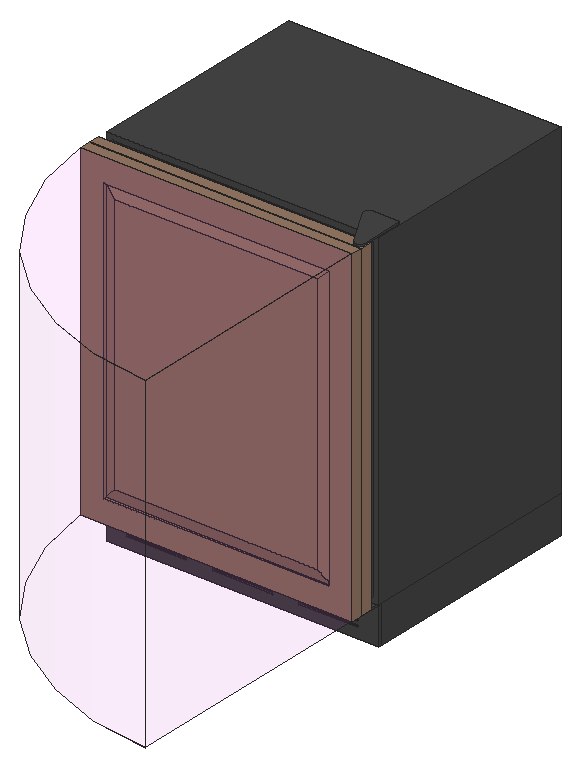
Revit family "QF_Summit_FF708BLSSIFADA_Refrigerator", category Specialty Equipment, Revit 2020
Family settings
  Round Connector Dimension = Use Diameter
  Part Type = Normal
  Work Plane-Based = No
  Always vertical = Yes
  Cut with Voids When Loaded = No
  Shared = No
  Room Calculation Point = No
Parameters
  Weight in Pounds = 100
  Watts = Volts * FL Amps  # 92 W
  Volts = 115 V
  URL Cutsheet = ""
  Specification by User = ""
  Specification by Manufacturer = ""
  Show LHD [instance] = no
  Right Hinged Door [instance] = not(Show LHD)  # yes
  Serial Number = ""
  Seismic Rating = ""
  SMACNA No = ""
  Revision Code = ""
  Refrigerant Volume = 0.00 kip
  Refrigerant Type = "R600a"
  Phase = 1
  Number of Poles = 1
  NAFEM Spec ID Number = ""
  Model = "FF708BLSSIFADA"
  Min Ckt Ampacity = 0 A
  Max Overcurrent Protection = 0 A
  Masterspec = ""
  Manufacturer = "Summit"
  Length = 23 5/8"
  Item Number = ""
  Installed By = ""
  Identify Quantity as Lot = yes
  Height = 32 1/8"
  HP = ""
  Furnished By = ""
  Foodservice Equipment Identifier = yes
  FL Amps = 0.8 A
  Electrical Remarks = ""
  Electric Connection Type = ""
  Elec Conn RI Height = 0"
  Elec Conn Connection Height = 0"
  Description = "Refrigerator"
  Depth = 22 3/8"
  Default Elevation = 0"
  Cycle = 60 Hz
  Conn Plug = ""
  Conn Conduit = yes
  CSI MasterFormat = ""
  BTUH = 0.0 Btu/h
  Apparent Power = if(Phase = 3, Volts * FL Amps * 1.73, Volts * FL Amps)  # 92 VA
Reference planes (in)
  plane 1 "BACK": y = 0
  plane 2: z = 0
  plane 3 "LEFT": x = 0
  plane 4 "RIGHT": x = 23.625
  plane 5 "FRONT": y = -22.375
  plane 6 "TOP": z = 32.125
  plane 7 "Center Y": x = 11.8125
  plane 8 "Center X": y = -11.1875
  plane 9: z = 32
  plane 10: y = -23.375
  plane 11: y = -45.875
  plane 12: y = -0.75
  plane 13: y = -20.5
  plane 14: z = 0.125
  plane 15: z = 3.375
  plane 16: x = 17.46169
Forms (in)
  Extrusion 1, solid, material "QF_Metallic_Paint_Black_Smooth"
    sketch origin (-4.07558, -180, 0.25) x (-1, 0, 0) y (0, -1, 0)
      loop
        line (-4.07558, -179.25) -> (-4.07558, -159.5) -> (-27.70058, -159.5) -> (-27.70058, -179.25) -> (-4.07558, -179.25)
    from 3.125 to 31.75
  Extrusion 2, solid, material "QF_Wood_Mahogany"
    sketch origin (-5.77638, -180, 3.5) x (-1, 0, 0) y (0, -1, 0)
      loop
        line (-5.77638, -157.625) -> (-29.40138, -157.625) -> (-29.40138, -158.625) -> (-5.77638, -158.625) -> (-5.77638, -157.625)
    from -0.125 to 28.5
  Extrusion 3, solid, material "QF_Metallic_Paint_Black_Smooth"
    sketch origin (23.5, -21.375, 3.5) x (-1, 0, 0) y (0, 0, 1)
      loop
        line (0.375, 0.375) -> (23, 0.375) -> (23, 28) -> (0.375, 28) -> (0.375, 0.375)
    from 0 to 0.875
  Extrusion 4, solid, material "QF_Metallic_Paint_Black_Smooth", visible <- "Right Hinged Door"
    sketch origin (-5.77638, -180, 32) x (-1, 0, 0) y (0, -1, 0)
      loop
        arc (-29.27619, -161.7403) -> (-29.20297, -161.91708) -> (-29.02619, -161.9903) r 0.25
        line (-29.02619, -161.9903) -> (-26.9149, -161.9903)
        arc (-26.9149, -161.9903) -> (-26.55876, -161.78675) -> (-26.55339, -161.37658) r 0.41333
        line (-26.55339, -161.37658) -> (-28.47012, -157.91871)
        arc (-28.47012, -157.91871) -> (-28.95386, -157.71088) -> (-29.27619, -158.12717) r 0.42999
        line (-29.27619, -158.12717) -> (-29.27619, -161.7403)
    from 0 to 0.125
  Extrusion 5, solid, material "QF_Metallic_Paint_Black_Smooth", visible <- "Right Hinged Door"
    sketch origin (-5.77638, -180, 3.375) x (0, 1, 0) y (1, 0, 0)
      loop
        line (159.5, 29.27619) -> (158.12717, 29.27619)
        arc (158.12717, 29.27619) -> (157.71088, 28.95386) -> (157.91871, 28.47012) r 0.42999
        line (157.91871, 28.47012) -> (159.5, 27.5936) -> (159.5, 29.27619)
    from 0 to 0.125
  Extrusion 6, solid, material "QF_Metallic_Paint_Black_Smooth"
    sketch origin (-12.48311, -20.5, 48) x (-1, 0, 0) y (0, 0, 1)
      loop
        line (-12.48311, -44.625) -> (-36.10811, -44.625) -> (-36.10811, -47.875) -> (-12.48311, -47.875) -> (-12.48311, -44.625)
      loop
        line (-14.18872, -45.26011) -> (-19.43872, -45.26011) -> (-19.43872, -45.51011) -> (-14.18872, -45.51011) -> (-14.18872, -45.26011)
      loop
        line (-14.18872, -45.76011) -> (-19.43872, -45.76011) -> (-19.43872, -46.01011) -> (-14.18872, -46.01011) -> (-14.18872, -45.76011)
      loop
        line (-14.18872, -46.26011) -> (-19.43872, -46.26011) -> (-19.43872, -46.51011) -> (-14.18872, -46.51011) -> (-14.18872, -46.26011)
      loop
        line (-14.18872, -46.76011) -> (-19.43872, -46.76011) -> (-19.43872, -47.01011) -> (-14.18872, -47.01011) -> (-14.18872, -46.76011)
      loop
        line (-21.67061, -45.26011) -> (-26.92061, -45.26011) -> (-26.92061, -45.51011) -> (-21.67061, -45.51011) -> (-21.67061, -45.26011)
      loop
        line (-21.67061, -45.76011) -> (-26.92061, -45.76011) -> (-26.92061, -46.01011) -> (-21.67061, -46.01011) -> (-21.67061, -45.76011)
      loop
        line (-21.67061, -46.26011) -> (-26.92061, -46.26011) -> (-26.92061, -46.51011) -> (-21.67061, -46.51011) -> (-21.67061, -46.26011)
      loop
        line (-21.67061, -46.76011) -> (-26.92061, -46.76011) -> (-26.92061, -47.01011) -> (-21.67061, -47.01011) -> (-21.67061, -46.76011)
      loop
        line (-34.40249, -45.26011) -> (-34.40249, -45.51011) -> (-29.15249, -45.51011) -> (-29.15249, -45.26011) -> (-34.40249, -45.26011)
      loop
        line (-34.40249, -45.76011) -> (-34.40249, -46.01011) -> (-29.15249, -46.01011) -> (-29.15249, -45.76011) -> (-34.40249, -45.76011)
      loop
        line (-34.40249, -46.26011) -> (-34.40249, -46.51011) -> (-29.15249, -46.51011) -> (-29.15249, -46.26011) -> (-34.40249, -46.26011)
      loop
        line (-34.40249, -46.76011) -> (-34.40249, -47.01011) -> (-29.15249, -47.01011) -> (-29.15249, -46.76011) -> (-34.40249, -46.76011)
    from 0 to 0.25
  Extrusion 7, solid, material "QF_Metallic_Paint_Black_Smooth"
    sketch origin (-12.48311, -1, 48) x (-1, 0, 0) y (0, 0, 1)
      loop
        line (-12.48311, -44.625) -> (-36.10811, -44.625) -> (-36.10811, -47.875) -> (-12.48311, -47.875) -> (-12.48311, -44.625)
    from -19.25 to 0.25
  Extrusion 8, solid, material "QF_Metallic_Paint_Black_Smooth"
    sketch origin (0, 0, 0) x (1, 0, 0) y (0, 1, 0)
      loop
        circle (3.1104, -18.5) r 0.5
      loop
        circle (3.1104, -2.75) r 0.5
      loop
        circle (20.5146, -18.5) r 0.5
      loop
        circle (20.5146, -2.75) r 0.5
    from 0 to 0.125
  Extrusion 9, solid, material "QF_Metal_Stainless_Polished"
    sketch origin (0, -0.75, 0.25) x (1, 0, 0) y (0, 0, -1)
      loop
        circle (17.46169, -0.84684) r 0.25
    from 0 to 0.25
  Extrusion 10, solid, material "QF_Metallic_Paint_Black_Smooth"
    sketch origin (0, -0.75, 17.75) x (0, -1, 0) y (1, 0, 0)
      loop
        line (-0.75, 9.30778) -> (0, 9.30778) -> (0, 14.31722) -> (-0.75, 14.31722) -> (-0.75, 9.30778)
    from -3 to 3
  Extrusion 11, solid, material "QF_Clearances_Door_Drawer", visible <- "Right Hinged Door"
    sketch origin (-5.77638, -180, 3.375) x (0, -1, 0) y (-1, 0, 0)
      loop
        line (-156.625, -29.40138) -> (-134.125, -29.40138)
        arc (-134.125, -29.40138) -> (-140.92298, -13.34886) -> (-156.625, -5.77638) r 24.71492
        line (-156.625, -5.77638) -> (-156.625, -29.40138)
    from 0 to -28.625
  Extrusion 12, solid, material "QF_Wood_Mahogany"
    sketch origin (23.625, -22.375, 3.5) x (-1, 0, 0) y (0, 0, 1)
      loop
        line (23.625, 28.5) -> (0, 28.5) -> (0, -0.125) -> (23.625, -0.125) -> (23.625, 28.5)
      loop
        line (21.625, 1.875) -> (21.625, 26.5) -> (2, 26.5) -> (2, 1.875) -> (21.625, 1.875)
    from 0 to -1
  Extrusion 13, solid
    sketch origin (23.625, -22.375, 3.5) x (-1, 0, 0) y (0, 0, 1)
      loop
        line (21.625, 26.5) -> (2, 26.5) -> (2, 1.875) -> (21.625, 1.875) -> (21.625, 26.5)
    from 0 to -0.75
  Blend 14, solid, material "QF_Wood_Mahogany"
    base sketch origin (23.625, -23.125, 3.5) x (1, 0, 0) y (0, 0, 1)
      loop
        line (-21.625, 26.5) -> (-21.625, 1.875) -> (-2, 1.875) -> (-2, 26.5) -> (-21.625, 26.5)
    top sketch origin (23.625, -23.125, 3.5) x (-1, 0, 0) y (0, 0, 1)
      loop
        line (20.625, 2.875) -> (20.625, 25.5) -> (3, 25.5) -> (3, 2.875) -> (20.625, 2.875)
    from 0 to 0.25
  Extrusion 15, solid, material "QF_Metallic_Paint_Black_Smooth", visible <- "Show LHD"
    sketch origin (29.40138, -180, 32) x (1, 0, 0) y (0, 1, 0)
      loop
        line (-29.27619, 161.7403) -> (-29.27619, 158.12717)
        arc (-29.27619, 158.12717) -> (-28.95386, 157.71088) -> (-28.47012, 157.91871) r 0.42999
        line (-28.47012, 157.91871) -> (-26.55339, 161.37658)
        arc (-26.55339, 161.37658) -> (-26.55876, 161.78675) -> (-26.9149, 161.9903) r 0.41333
        line (-26.9149, 161.9903) -> (-29.02619, 161.9903)
        arc (-29.02619, 161.9903) -> (-29.20297, 161.91708) -> (-29.27619, 161.7403) r 0.25
    from 0 to 0.125
  Extrusion 16, solid, material "QF_Metallic_Paint_Black_Smooth", visible <- "Show LHD"
    sketch origin (29.40138, -180, 3.375) x (0, -1, 0) y (-1, 0, 0)
      loop
        line (-159.5, 29.27619) -> (-159.5, 27.5936) -> (-157.91871, 28.47012)
        arc (-157.91871, 28.47012) -> (-157.71088, 28.95386) -> (-158.12717, 29.27619) r 0.42999
        line (-158.12717, 29.27619) -> (-159.5, 29.27619)
    from 0 to 0.125
  Extrusion 17, solid, material "QF_Clearances_Door_Drawer", visible <- "Show LHD"
    sketch origin (29.40138, -180, 3.375) x (0, 1, 0) y (1, 0, 0)
      loop
        line (156.625, -29.40138) -> (156.625, -5.77638)
        arc (156.625, -5.77638) -> (140.92298, -13.34886) -> (134.125, -29.40138) r 24.71492
        line (134.125, -29.40138) -> (156.625, -29.40138)
    from 0 to -28.625
Lines and regions (in)
  symbolic lines
    curve 1: line (0, -23.375, 0) -> (23.625, -23.375, 0)
    curve 2: line (23.625, -22.375, 0) -> (0, -22.375, 0)
    curve 3: line (23.625, -21.375, 0) -> (23.49982, -21.375, 0)
    curve 4: line (0, -20.5, 0) -> (0.12518, -20.5, 0)
    curve 5: line (23.625, -0.75, 0) -> (0, -0.75, 0)
    curve 6: line (14.31722, 0, 0) -> (9.30778, 0, 0)
    curve 7: line (0, -0.75, 0) -> (0, -20.5, 0)
    curve 8: line (23.625, -20.5, 0) -> (23.625, -0.75, 0)
    curve 9: line (9.30778, 0, 0) -> (9.30778, -0.75, 0)
    curve 10: line (14.31722, -0.75, 0) -> (14.31722, 0, 0)
    curve 12: line (0, -21.375, 0) -> (0, -22.375, 0)
    curve 13: line (0, -22.375, 0) -> (0, -23.375, 0)
    curve 14: line (23.625, -23.375, 0) -> (23.625, -22.375, 0)
    curve 15: line (23.625, -22.375, 0) -> (23.625, -21.375, 0)
    curve 22: line (22.30224, -21.375, 0) -> (1.32276, -21.375, 0)
    curve 23: line (23.49982, -20.5, 0) -> (23.625, -20.5, 0)
    curve 34: line (1.80778, -20.5, 0) -> (21.81722, -20.5, 0)
    curve 37: line (0.12518, -21.375, 0) -> (0, -21.375, 0)
  symbolic lines, visible <- "Right Hinged Door"
    curve 11: line (0.5, -20.5, 0) -> (0.5, -21.375, 0)
    curve 16: line (23.24982, -18.0097, 0) -> (21.13852, -18.0097, 0)
    curve 17: arc (21.13852, -18.0097, 0) -> (20.78238, -18.21325, 0) -> (20.77701, -18.62342, 0) r 0.41333
    curve 18: line (20.77701, -18.62342, 0) -> (22.69374, -22.08129, 0)
    curve 19: arc (22.69374, -22.08129, 0) -> (23.17748, -22.28912, 0) -> (23.49982, -21.87283, 0) r 0.42999
    curve 20: line (23.49982, -21.87283, 0) -> (23.49982, -18.2597, 0)
    curve 21: arc (23.49982, -18.2597, 0) -> (23.42659, -18.08292, 0) -> (23.24982, -18.0097, 0) r 0.25
    curve 35: line (0.12518, -20.5, 0) -> (1.80778, -20.5, 0)
    curve 36: line (1.32276, -21.375, 0) -> (0.12518, -21.375, 0)
  symbolic lines, style "QF_Clearances_Door_Drawer", visible <- "Right Hinged Door"
    curve 24: line (23.625, -23.375, 0) -> (3.95051, -34.73407, 0)
    curve 25: arc (3.95051, -34.73407, 0) -> (1.27379, -29.2985, 0) -> (0, -23.375, 0) r 24.71492
  symbolic lines, visible <- "Show LHD"
    curve 26: line (0.37518, -18.0097, 0) -> (2.48648, -18.0097, 0)
    curve 27: arc (2.48648, -18.0097, 0) -> (2.84262, -18.21325, 0) -> (2.84799, -18.62342, 0) r 0.41333
    curve 28: line (2.84799, -18.62342, 0) -> (0.93126, -22.08129, 0)
    curve 29: arc (0.93126, -22.08129, 0) -> (0.44752, -22.28912, 0) -> (0.12518, -21.87283, 0) r 0.42999
    curve 30: line (0.12518, -21.87283, 0) -> (0.12518, -18.2597, 0)
    curve 31: arc (0.12518, -18.2597, 0) -> (0.19841, -18.08292, 0) -> (0.37518, -18.0097, 0) r 0.25
    curve 38: line (23.125, -20.5, 0) -> (23.125, -21.375, 0)
    curve 39: line (23.49982, -20.5, 0) -> (21.81722, -20.5, 0)
    curve 40: line (22.30224, -21.375, 0) -> (23.49982, -21.375, 0)
  symbolic lines, style "QF_Clearances_Door_Drawer", visible <- "Show LHD"
    curve 32: line (0, -23.375, 0) -> (19.67449, -34.73407, 0)
    curve 33: arc (19.67449, -34.73407, 0) -> (22.35121, -29.2985, 0) -> (23.625, -23.375, 0) r 24.71492
Dimensions and locks (in)
  equal spacing: plane 3 "LEFT", plane 7 "Center Y", plane 4 "RIGHT"
  "Length": plane 3 "LEFT" to plane 4 "RIGHT"
  equal spacing: plane 5 "FRONT", plane 8 "Center X", plane 1 "BACK"
  "Depth": plane 5 "FRONT" to plane 1 "BACK"
  "Height": plane 6 "TOP" to level
  plane 4 "RIGHT" to plane 3 "LEFT" = 23 5/8"
  plane 6 "TOP" to plane 9 = 1/8"
  plane 1 "BACK" to plane 12 = 3/4"
  plane 12 to plane 13 = 19 3/4"
  plane 13 to plane 11 = 25 3/8"
  plane 12 to plane 11 = 45 1/8"
  plane 14 to plane 2 = 1/8"
  plane 9 to plane 14 = 31 7/8"
  plane 9 to plane 2 = 32"
  aligned and locked: level to plane 2
Automatic sketch dimensions
  Extrusion 1 sketch curve to plane 4 "RIGHT" = 0"
  Extrusion 1 sketch curve to plane 3 "LEFT" = 0"
  Extrusion 1 sketch curve to plane 12 = 0"
  Extrusion 1 sketch curve to plane 13 = 0"
  Extrusion 2 sketch curve to plane 4 "RIGHT" = 0"
  Extrusion 2 sketch curve to plane 3 "LEFT" = 0"
  plane 5 "FRONT" to Extrusion 2 sketch curve = 0"
  Extrusion 2 sketch curve to plane 13 = 7/8"
  Extrusion 2 to Extrusion 3 sketch curve = 1/2"  (x3)
  Extrusion 3 sketch curve to Extrusion 2 = 1/2"
  Extrusion 4 sketch curve to Extrusion 2 = 0.12518"
  Extrusion 4 sketch curve to Extrusion 4 sketch curve = 1/4"
  Extrusion 4 sketch curve to Extrusion 4 sketch curve = 0.42999"
  Extrusion 4 sketch curve to Extrusion 2 = 0.29371"
  Extrusion 4 sketch curve to Extrusion 4 sketch curve = 0.37608"
  Extrusion 4 sketch curve to Extrusion 4 sketch curve = 2.1113"
  Extrusion 4 sketch curve to Extrusion 4 sketch curve = 0.36151"
  Extrusion 2 to Extrusion 4 sketch curve = 2.75158"
  Extrusion 4 sketch curve to Extrusion 4 sketch curve = 0.20039"
  Extrusion 5 sketch curve to plane 13 = 0"
  Extrusion 5 sketch curve to plane 5 "FRONT" = 0.50217"
  Extrusion 5 sketch curve to plane 5 "FRONT" = 0.29371"
  plane 4 "RIGHT" to Extrusion 5 sketch curve = 0.12518"
  Extrusion 5 sketch curve to Extrusion 5 sketch curve = 0.42999"
  Extrusion 5 sketch curve to Extrusion 5 sketch curve = 1.6826"
  plane 4 "RIGHT" to Extrusion 6 sketch curve = 0"
  Extrusion 6 sketch curve to plane 3 "LEFT" = 0"
  Extrusion 6 sketch curve to plane 14 = 0"
  Extrusion 6 sketch curve to plane 15 = 0"
  plane 4 "RIGHT" to Extrusion 6 sketch curve = 1.70562"
  Extrusion 6 sketch curve to Extrusion 6 sketch curve = 0"  (x18)
  plane 16 to Extrusion 6 sketch curve = 0.79231"
  plane 14 to Extrusion 6 sketch curve = 0.86489"  (x2)
  Extrusion 6 sketch curve to Extrusion 6 sketch curve = 2.23188"  (x2)
  Extrusion 6 sketch curve to plane 15 = 1.13511"
  Extrusion 6 sketch curve to plane 7 "Center Y" = 2 5/8"
  plane 14 to Extrusion 6 sketch curve = 1.11489"
  plane 3 "LEFT" to Extrusion 6 sketch curve = 1.70562"
  Extrusion 6 sketch curve to Extrusion 6 sketch curve = 1/4"  (x20)
  plane 4 "RIGHT" to Extrusion 7 sketch curve = 0"
  Extrusion 7 sketch curve to plane 3 "LEFT" = 0"
  Extrusion 7 sketch curve to plane 14 = 0"
  Extrusion 7 sketch curve to plane 15 = 0"
  plane 3 "LEFT" to Extrusion 8 sketch curve = 3.1104"  (x2)
  Extrusion 8 sketch curve to plane 16 = 3.05291"  (x2)
  plane 13 to Extrusion 8 sketch curve = 2"  (x2)
  Extrusion 8 sketch curve to plane 12 = 2"  (x2)
  Extrusion 9 sketch curve to Extrusion 1 = 2.27816"
  Extrusion 9 sketch curve to Extrusion 1 = 6.16331"
  plane 1 "BACK" to Extrusion 10 sketch curve = 0"
  Extrusion 10 sketch curve to plane 12 = 0"
  Extrusion 10 sketch curve to plane 7 "Center Y" = 2.50472"
  plane 7 "Center Y" to Extrusion 10 sketch curve = 2.50472"
  Extrusion 11 sketch curve to Extrusion 2 = 0"  (x2)
  Extrusion 11 sketch curve to Extrusion 2 = 0.19499"
  Extrusion 11 sketch curve to Extrusion 2 = 1"
  Extrusion 11 sketch curve to Extrusion 11 sketch curve = 22 1/2"
  plane 4 "RIGHT" to Extrusion 12 sketch curve = 0"
  Extrusion 12 sketch curve to plane 3 "LEFT" = 0"
  Extrusion 12 sketch curve to plane 15 = 0"
  Extrusion 12 sketch curve to plane 9 = 0"
  plane 4 "RIGHT" to Extrusion 12 sketch curve = 2"
  plane 3 "LEFT" to Extrusion 12 sketch curve = 2"
  plane 15 to Extrusion 12 sketch curve = 2"
  Extrusion 12 sketch curve to plane 9 = 2"
  Extrusion 12 to Extrusion 13 sketch curve = 0"
  Extrusion 13 sketch curve to Extrusion 12 = 0"  (x3)
  Extrusion 13 to Blend 14 sketch curve = 0"
  Blend 14 sketch curve to Extrusion 13 = 0"  (x3)
  Extrusion 13 to Blend 14 sketch curve = 1"  (x4)
  Extrusion 15 sketch curve to Extrusion 2 = 0.12518"
  Extrusion 15 sketch curve to Extrusion 15 sketch curve = 1/4"
  Extrusion 15 sketch curve to Extrusion 15 sketch curve = 0.42999"
  Extrusion 15 sketch curve to Extrusion 2 = 0.29371"
  Extrusion 15 sketch curve to Extrusion 15 sketch curve = 0.37608"
  Extrusion 15 sketch curve to Extrusion 15 sketch curve = 2.1113"
  Extrusion 15 sketch curve to Extrusion 15 sketch curve = 0.36151"
  Extrusion 2 to Extrusion 15 sketch curve = 2.75158"
  Extrusion 15 sketch curve to Extrusion 15 sketch curve = 0.20039"
  Extrusion 16 sketch curve to plane 13 = 0"
  plane 3 "LEFT" to Extrusion 16 sketch curve = 0.12518"
  Extrusion 16 sketch curve to plane 5 "FRONT" = 0.50217"
  Extrusion 16 sketch curve to plane 5 "FRONT" = 0.29371"
  Extrusion 16 sketch curve to Extrusion 16 sketch curve = 0.42999"
  Extrusion 16 sketch curve to Extrusion 16 sketch curve = 1.6826"
  Extrusion 17 sketch curve to Extrusion 2 = 0"  (x2)
  Extrusion 17 sketch curve to Extrusion 2 = 23 1/2"
  Extrusion 17 sketch curve to Extrusion 2 = 1"
  Extrusion 17 sketch curve to Extrusion 2 = 0.19499"
  curve 12 to plane 3 "LEFT" = 0"
  curve 4 to plane 3 "LEFT" = 0"
  curve 35 to plane 13 = 0"
  curve 4 to plane 13 = 0"
  curve 34 to plane 13 = 0"
  plane 1 "BACK" to curve 9 = 0"
  curve 9 to plane 12 = 0"
  curve 39 to plane 13 = 0"
  curve 23 to plane 13 = 0"
  curve 33 to plane 4 "RIGHT" = 0"
  curve 23 to plane 4 "RIGHT" = 0"
  curve 13 to plane 10 = 0"
  plane 5 "FRONT" to curve 13 = 0"
  curve 33 to plane 3 "LEFT" = 0.99226"
  plane 3 "LEFT" to curve 36 = 0.12518"
  curve 30 to curve 31 = 1/4"
  curve 30 to curve 29 = 0.42999"
  curve 28 to plane 5 "FRONT" = 0.29371"
  curve 29 to curve 28 = 0.37608"
  curve 29 to curve 22 = 0.3915"
  curve 31 to curve 27 = 2.1113"
  curve 27 to curve 28 = 0.36151"
  plane 3 "LEFT" to curve 24 = 3.95051"
  curve 9 to plane 7 "Center Y" = 2.50472"
  plane 7 "Center Y" to curve 10 = 2.50472"
  curve 32 to plane 16 = 2.2128"
  plane 4 "RIGHT" to curve 18 = 2.84799"
  curve 17 to curve 16 = 0.36151"
  curve 18 to plane 5 "FRONT" = 0.29371"
  plane 4 "RIGHT" to curve 18 = 0.93126"
  curve 18 to curve 19 = 0.37608"
  plane 4 "RIGHT" to curve 21 = 0.37518"
  plane 4 "RIGHT" to curve 20 = 0.12518"
  curve 25 to plane 4 "RIGHT" = 0.99226"
  curve 32 to curve 1 = 11.35907"
  curve 24 to curve 1 = 11.35907"
  curve 30 to curve 36 = 0.49783"
  curve 20 to curve 15 = 0.49783"
  curve 22 to curve 36 = 0"
  curve 37 to curve 36 = 0"
  plane 13 to curve 18 = 1.87658"
  curve 17 to curve 17 = 0.20039"
  curve 27 to curve 27 = 0.20039"
  curve 4 to curve 11 = 0.37482"
  curve 40 to curve 22 = 0"
  curve 38 to curve 23 = 0.37482"
  radius of Extrusion 8 sketch curve = 1/2"  (x4)
  radius of Extrusion 9 sketch curve = 1/4"
Connectors (in)
  electrical at (17.46169, -0.5, 1.09684), driven by "Volts", driven by "Watts"
    settings: on Extrusion 9, index 2, voltage 115 V, apparent load 92 VA, apparent load phase1 0 VA, apparent load phase2 0 VA, apparent load phase3 0 VA, power factor 1, load classification "Other", number of poles 1, system type 30, power factor state 1, is connector primary yes, connector utility no, sub classification motor no, connector description ""
